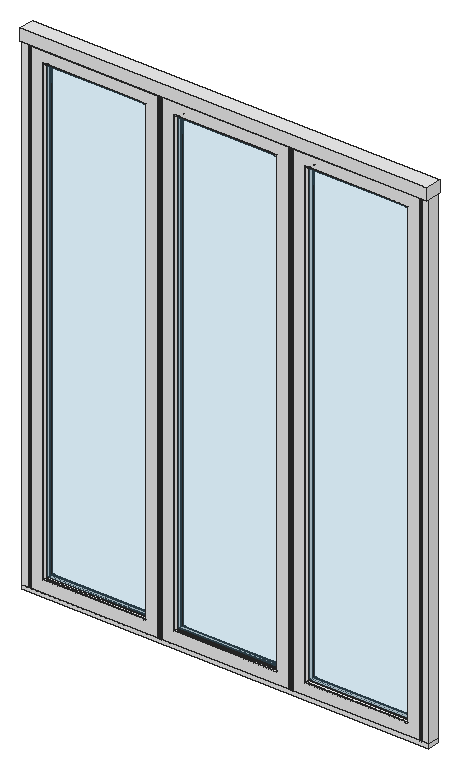
Revit family "Window-NanaWall-WD-66", category Windows, host Wall, Revit 2013 (continued)
Definition of nested family "Header_WD-66"
  Definition of nested family "Head_WD66"
    Lines and regions (in)
      model lines, style "DetailComponents", in view "Ref. Level"
        curve 336: line (0.7078892, -2.3031496, 0) -> (0.5897789, -2.3031496, 0)
        curve 337: line (-1.0716384, -2.6968504, 0) -> (-1.0716384, -2.5, 0)
        curve 338: line (-1.0716384, -2.5, 0) -> (-1.0322683, -2.5, 0)
        curve 339: line (-1.0322683, -2.5, 0) -> (-1.0322683, -2.6574803, 0)
        curve 340: line (-0.9850242, -2.6574803, 0) -> (-1.0322683, -2.6574803, 0)
        curve 341: line (-1.0322683, -2.6574803, 0) -> (-1.0716384, -2.6968504, 0)
        curve 342: line (-1.0716384, -2.6968504, 0) -> (-0.9456592, -2.6968504, 0)
        curve 343: line (-0.9456592, -2.6968504, 0) -> (-0.9456592, -2.5393701, 0)
        curve 344: line (-0.9850242, -2.5, 0) -> (-0.9476168, -2.5393701, 0)
        curve 345: line (-0.9476168, -2.5393701, 0) -> (-0.7488037, -2.5393701, 0)
        curve 346: line (-0.5440793, -2.4212598, 0) -> (-0.5440793, -2.5, 0)
        curve 347: line (-0.6306935, -2.6181102, 0) -> (-0.7488037, -2.6181102, 0)
        curve 348: line (-0.945931, -2.5393701, 0) -> (-0.945931, -2.6986246, 0)
        curve 349: line (-0.7488037, -2.3031496, 0) -> (-0.6306935, -2.3031496, 0)
        curve 350: line (-0.5633687, -2.9448819, 0) -> (-0.7389612, -2.9448819, 0)
        curve 351: line (-0.7389612, -2.9448819, 0) -> (-1.0441328, -2.9262168, 0)
        curve 352: line (-0.6740006, -2.8149606, 0) -> (-0.6070715, -2.8149606, 0)
        curve 353: line (-0.7428982, -2.804732, 0) -> (-0.6924238, -2.7755906, 0)
        curve 354: line (-0.6924238, -2.7755906, 0) -> (-0.5886483, -2.7755906, 0)
        curve 355: line (-0.5886483, -2.7755906, 0) -> (-0.5381738, -2.804732, 0)
        curve 356: line (-0.6070715, -2.8976378, 0) -> (-0.6740006, -2.8976378, 0)
        curve 357: line (-1.0440793, -2.8740157, 0) -> (-0.7251817, -2.8740157, 0)
        curve 358: line (-0.7251817, -2.8740157, 0) -> (-0.7251817, -2.8385827, 0)
        curve 359: line (-0.6858116, -2.8858268, 0) -> (-0.6858116, -2.8267717, 0)
        curve 360: line (-0.5952604, -2.8267717, 0) -> (-0.5952604, -2.8858268, 0)
        curve 361: line (-0.5558904, -2.8385827, 0) -> (-0.5558904, -2.8740157, 0)
        curve 362: line (-0.5558904, -2.8740157, 0) -> (-0.5047093, -2.8740157, 0)
        curve 363: line (-0.4963576, -2.8941784, 0) -> (-0.5355298, -2.9333507, 0)
        curve 410: line (-1.3393549, -0.019685, 0) -> (-1.3393549, -0.0984252, 0)
        curve 411: line (-1.3393549, -0.0984252, 0) -> (-1.3393549, -0.8129921, 0)
        curve 412: line (-0.7315892, -0.4330709, 0) -> (-1.0834494, -0.4330709, 0)
        curve 413: line (-1.0834494, -0.4330709, 0) -> (-1.0834494, -0.019685, 0)
        curve 414: line (-1.3393549, -2.2185039, 0) -> (-1.3393549, -2.5787402, 0)
        curve 415: line (-0.855103, -2.8740157, 0) -> (-1.2212447, -2.8740157, 0)
        curve 416: line (-0.855103, -2.5393701, 0) -> (-0.9141581, -2.5393701, 0)
        curve 417: line (-0.8157329, -2.8346457, 0) -> (-0.8157329, -2.5787402, 0)
        curve 418: line (-1.2409297, -2.8543307, 0) -> (-1.2409297, -2.5984252, 0)
        curve 419: line (-1.2409297, -2.5984252, 0) -> (-1.3196699, -2.5984252, 0)
        curve 420: line (-1.3393549, -1.1555118, 0) -> (-1.3393549, -1.8759843, 0)
        curve 421: line (-1.3196699, -1.8956693, 0) -> (-1.2409297, -1.8956693, 0)
        curve 422: line (-1.2409297, -1.8956693, 0) -> (-1.2409297, -2.1988189, 0)
        curve 423: line (-1.2409297, -2.1988189, 0) -> (-1.3196699, -2.1988189, 0)
        curve 424: line (-0.9535282, -2.5787402, 0) -> (-0.9535282, -2.6968504, 0)
        curve 425: line (-0.9535282, -2.6968504, 0) -> (-0.9535282, -2.7165354, 0)
        curve 426: line (-0.9535282, -2.7165354, 0) -> (-1.0834494, -2.7165354, 0)
        curve 427: line (-1.0834494, -2.7165354, 0) -> (-1.0834494, -1.8110236, 0)
        curve 428: line (-1.0834494, -1.8110236, 0) -> (-0.9141581, -1.8110236, 0)
        curve 429: line (-0.9141581, -1.8110236, 0) -> (-0.9141581, -1.7322835, 0)
        curve 430: line (-0.9141581, -1.7322835, 0) -> (-1.1621896, -1.7322835, 0)
        curve 431: line (-1.1621896, -1.7322835, 0) -> (-1.1621896, -1.2992126, 0)
        curve 432: line (-1.1621896, -1.2992126, 0) -> (-0.9141581, -1.2992126, 0)
        curve 433: line (-0.9141581, -1.2992126, 0) -> (-0.9141581, -1.2204724, 0)
        curve 434: line (-0.9141581, -1.2204724, 0) -> (-1.0834494, -1.2204724, 0)
        curve 435: line (-1.0834494, -1.2204724, 0) -> (-1.0834494, -0.6299213, 0)
        curve 436: line (-0.7143774, -0.575961, 0) -> (-0.7330557, -0.6456693, 0)
        curve 437: line (-0.7330557, -0.6456693, 0) -> (-0.6346305, -0.6456693, 0)
        curve 438: line (-0.6346305, -0.6456693, 0) -> (-0.6175035, -0.5817503, 0)
        curve 439: line (-1.0440793, -0.5905512, 0) -> (-0.9928982, -0.5905512, 0)
        curve 440: line (-0.9928982, -0.5905512, 0) -> (-0.9928982, -0.7480315, 0)
        curve 441: line (-0.9928982, -0.7480315, 0) -> (-0.9141581, -0.7480315, 0)
        curve 442: line (-0.9141581, -0.7480315, 0) -> (-0.9141581, -0.5511811, 0)
        curve 443: line (-0.9141581, -0.5511811, 0) -> (-0.7333917, -0.5511811, 0)
        curve 444: line (-1.3196699, -0.8326772, 0) -> (-1.2409297, -0.8326772, 0)
        curve 445: line (-1.2409297, -0.8326772, 0) -> (-1.2409297, -1.1358268, 0)
        curve 446: line (-1.2409297, -1.1358268, 0) -> (-1.3196699, -1.1358268, 0)
        curve 447: line (-1.1031345, 0, 0) -> (-1.3196699, 0, 0)
        curve 448: line (1.2984403, -0.019685, 0) -> (1.2984403, -0.0984252, 0)
        curve 449: line (1.2984403, -0.0984252, 0) -> (1.2984403, -0.8129921, 0)
        curve 450: line (0.6906746, -0.4330709, 0) -> (1.0425348, -0.4330709, 0)
        curve 451: line (1.0425348, -0.4330709, 0) -> (1.0425348, -0.019685, 0)
        curve 452: line (1.2984403, -2.2185039, 0) -> (1.2984403, -2.5787402, 0)
        curve 453: line (0.8141884, -2.8740157, 0) -> (1.1803301, -2.8740157, 0)
        curve 454: line (0.8141884, -2.5393701, 0) -> (0.8732435, -2.5393701, 0)
        curve 455: line (0.7748183, -2.8346457, 0) -> (0.7748183, -2.5787402, 0)
        curve 456: line (1.2000151, -2.8543307, 0) -> (1.2000151, -2.5984252, 0)
        curve 457: line (1.2000151, -2.5984252, 0) -> (1.2787553, -2.5984252, 0)
        curve 458: line (1.2984403, -1.1555118, 0) -> (1.2984403, -1.8759843, 0)
        curve 459: line (1.2787553, -1.8956693, 0) -> (1.2000151, -1.8956693, 0)
        curve 460: line (1.2000151, -1.8956693, 0) -> (1.2000151, -2.1988189, 0)
        curve 461: line (1.2000151, -2.1988189, 0) -> (1.2787553, -2.1988189, 0)
        curve 462: line (0.9126136, -2.5787402, 0) -> (0.9126136, -2.6968504, 0)
        curve 463: line (0.9126136, -2.6968504, 0) -> (0.9126136, -2.7165354, 0)
        curve 464: line (0.9126136, -2.7165354, 0) -> (1.0425348, -2.7165354, 0)
        curve 465: line (1.0425348, -2.7165354, 0) -> (1.0425348, -1.8110236, 0)
        curve 466: line (1.0425348, -1.8110236, 0) -> (0.8732435, -1.8110236, 0)
        curve 467: line (0.8732435, -1.8110236, 0) -> (0.8732435, -1.7322835, 0)
        curve 468: line (0.8732435, -1.7322835, 0) -> (1.121275, -1.7322835, 0)
        curve 469: line (1.121275, -1.7322835, 0) -> (1.121275, -1.2992126, 0)
        curve 470: line (1.121275, -1.2992126, 0) -> (0.8732435, -1.2992126, 0)
        curve 471: line (0.8732435, -1.2992126, 0) -> (0.8732435, -1.2204724, 0)
        curve 472: line (0.8732435, -1.2204724, 0) -> (1.0425348, -1.2204724, 0)
        curve 473: line (1.0425348, -1.2204724, 0) -> (1.0425348, -0.6299213, 0)
        curve 474: line (0.6734629, -0.575961, 0) -> (0.6921411, -0.6456693, 0)
        curve 475: line (0.6921411, -0.6456693, 0) -> (0.5937159, -0.6456693, 0)
        curve 476: line (0.5937159, -0.6456693, 0) -> (0.5765889, -0.5817503, 0)
        curve 477: line (1.0031648, -0.5905512, 0) -> (0.9519837, -0.5905512, 0)
        curve 478: line (0.9519837, -0.5905512, 0) -> (0.9519837, -0.7480315, 0)
        curve 479: line (0.9519837, -0.7480315, 0) -> (0.8732435, -0.7480315, 0)
        curve 480: line (0.8732435, -0.7480315, 0) -> (0.8732435, -0.5511811, 0)
        curve 481: line (0.8732435, -0.5511811, 0) -> (0.6924771, -0.5511811, 0)
        curve 482: line (1.2787553, -0.8326772, 0) -> (1.2000151, -0.8326772, 0)
        curve 483: line (1.2000151, -0.8326772, 0) -> (1.2000151, -1.1358268, 0)
        curve 484: line (1.2000151, -1.1358268, 0) -> (1.2787553, -1.1358268, 0)
        curve 485: line (1.0622199, 0, 0) -> (1.2787553, 0, 0)
        curve 486: line (1.2984403, -0.0984252, 0) -> (1.2984403, -2.7755906, 0)
        curve 487: line (1.8889915, -2.7755906, 0) -> (1.8889915, -0.0984252, 0)
        curve 488: line (1.3968655, -2.8740157, 0) -> (1.7905663, -2.8740157, 0)
        curve 489: line (1.7905663, 0, 0) -> (1.3968655, 0, 0)
        curve 521: line (0.4913537, -2.8740157, 0) -> (0.4519837, -2.8740157, 0)
        curve 524: line (-0.4141581, -3.1692913, 0) -> (-0.4141581, -2.0843849, 0)
        curve 525: line (-0.5795124, -3.1102362, 0) -> (-0.5795124, -3.1771654, 0)
        curve 526: line (-0.5795124, -3.1771654, 0) -> (-0.4928982, -3.1771654, 0)
        curve 527: line (-0.4928982, -3.1771654, 0) -> (-0.4928982, -2.8740157, 0)
        curve 528: line (-0.4928982, -2.8740157, 0) -> (-0.5322683, -2.8740157, 0)
        curve 529: line (-0.4928982, -3.2480315, 0) -> (-0.5795124, -3.2480315, 0)
        curve 530: line (-0.6503786, -3.1771654, 0) -> (-0.6503786, -3.0905512, 0)
        curve 531: line (-0.6503786, -3.0905512, 0) -> (-0.5991975, -3.0905512, 0)
        curve 537: line (-0.362977, -0.2401575, 0) -> (-0.386599, -0.2401575, 0)
        curve 538: line (-0.386599, -0.2401575, 0) -> (-0.386599, -0.3385827, 0)
        curve 539: line (-0.386599, -0.3385827, 0) -> (0.3456844, -0.3385827, 0)
        curve 540: line (0.3456844, -0.3385827, 0) -> (0.3456844, -0.2401575, 0)
        curve 541: line (0.3456844, -0.2401575, 0) -> (0.3220624, -0.2401575, 0)
        curve 542: line (-0.9535282, -2.3818898, 0) -> (-0.7488037, -2.3818898, 0)
        curve 543: line (-0.7488037, -2.3818898, 0) -> (-0.7488037, -2.2637795, 0)
        curve 544: line (-0.7488037, -2.2637795, 0) -> (-0.6306935, -2.2637795, 0)
        curve 545: line (-0.6306935, -2.2637795, 0) -> (-0.6306935, -2.4212598, 0)
        curve 546: line (-0.6306935, -2.4212598, 0) -> (-0.5047093, -2.4212598, 0)
        curve 547: line (-0.5047093, -2.4212598, 0) -> (-0.5047093, -2.5, 0)
        curve 548: line (-0.5047093, -2.5, 0) -> (-0.6306935, -2.5, 0)
        curve 549: line (-0.6306935, -2.5, 0) -> (-0.6306935, -2.6574803, 0)
        curve 550: line (-0.6306935, -2.6574803, 0) -> (-0.7488037, -2.6574803, 0)
        curve 551: line (-0.7488037, -2.6574803, 0) -> (-0.4928982, -2.6574803, 0)
        curve 552: line (-0.4928982, -2.6574803, 0) -> (-0.4928982, -2.2519685, 0)
        curve 553: line (-0.4928982, -2.2519685, 0) -> (-0.7488037, -2.2519685, 0)
        curve 554: line (-0.7488037, -2.2519685, 0) -> (-0.7488037, -2.3070866, 0)
        curve 555: line (-0.7488037, -2.8740157, 0) -> (-0.8078589, -2.8740157, 0)
        curve 556: line (-0.8078589, -2.8740157, 0) -> (-0.8078589, -2.6220472, 0)
        curve 557: line (-0.7881738, -2.6023622, 0) -> (-0.7488037, -2.6023622, 0)
        curve 558: line (-0.7488037, -2.6023622, 0) -> (-0.7488037, -2.6574803, 0)
        curve 559: line (-0.7488037, -2.6574803, 0) -> (-0.7488037, -2.6023622, 0)
        curve 560: line (-0.7488037, -2.6023622, 0) -> (-0.7488037, -2.5, 0)
        curve 561: line (-0.7488037, -2.5, 0) -> (-0.9850242, -2.5, 0)
        curve 562: line (-0.9850242, -2.5, 0) -> (-0.9850242, -2.6574803, 0)
        curve 563: line (-0.9850242, -2.6574803, 0) -> (-0.945931, -2.6986246, 0)
        curve 564: line (-0.7488037, -2.3070866, 0) -> (-0.7881738, -2.3070866, 0)
        curve 565: line (-0.7960478, -0.8312479, 0) -> (-0.7960478, -1.2401575, 0)
        curve 566: line (-0.7960478, -1.2401575, 0) -> (-0.8078589, -1.3751581, 0)
        curve 567: line (-0.8078589, -1.3751581, 0) -> (-0.8078589, -2.0048287, 0)
        curve 568: line (-0.5519534, -2.8543307, 0) -> (-0.5519534, -2.8346457, 0)
        curve 569: line (-0.5519534, -2.8346457, 0) -> (-0.4928982, -2.8346457, 0)
        curve 570: line (-0.4928982, -2.8346457, 0) -> (-0.4928982, -2.7283465, 0)
        curve 571: line (-0.4928982, -2.7283465, 0) -> (-0.7684888, -2.7283465, 0)
        curve 572: line (-0.7684888, -2.7283465, 0) -> (-0.7684888, -2.8346457, 0)
        curve 573: line (-0.7684888, -2.8346457, 0) -> (-0.7291187, -2.8346457, 0)
        curve 574: line (-0.7291187, -2.8346457, 0) -> (-0.7291187, -2.8543307, 0)
        curve 575: line (-0.6173855, -0.9497462, 0) -> (-0.6322063, -0.9645669, 0)
        curve 576: line (-0.6322063, -0.9645669, 0) -> (-0.6946662, -0.9645669, 0)
        curve 577: line (-0.8078589, -2.2874016, 0) -> (-0.8078589, -2.1730331, 0)
        curve 578: line (-0.8078589, -2.1730331, 0) -> (-0.9062841, -2.1162073, 0)
        curve 579: line (-0.9062841, -2.1162073, 0) -> (-0.9062841, -0.606375, 0)
        curve 580: line (-0.9062841, -0.606375, 0) -> (-0.8472289, -0.5905512, 0)
        curve 581: line (-0.8472289, -0.5905512, 0) -> (-0.8472289, -0.6456693, 0)
        curve 582: line (-0.8472289, -0.6456693, 0) -> (-0.8029427, -0.6456693, 0)
        curve 583: line (-0.8029427, -0.6456693, 0) -> (-0.7920833, -0.6051414, 0)
        curve 584: line (-0.773069, -0.5905512, 0) -> (-0.7291187, -0.5905512, 0)
        curve 585: line (-0.7291187, -0.5905512, 0) -> (-0.7438876, -0.6456693, 0)
        curve 586: line (-0.7438876, -0.6456693, 0) -> (-0.4732132, -0.6456693, 0)
        curve 587: line (-0.4732132, -0.6456693, 0) -> (-0.4732132, -0.2401575, 0)
        curve 588: line (-0.4732132, -0.2401575, 0) -> (-0.7438876, -0.2401575, 0)
        curve 589: line (-0.7438876, -0.2401575, 0) -> (-0.7291187, -0.2952756, 0)
        curve 590: line (-0.7291187, -0.2952756, 0) -> (-0.773069, -0.2952756, 0)
        curve 591: line (-0.7920833, -0.2806854, 0) -> (-0.8029427, -0.2401575, 0)
        curve 592: line (-0.8029427, -0.2401575, 0) -> (-0.8472289, -0.2401575, 0)
        curve 593: line (-0.8472289, -0.2401575, 0) -> (-0.8472289, -0.2952756, 0)
        curve 594: line (-0.8472289, -0.2952756, 0) -> (-0.9062841, -0.2794518, 0)
        curve 595: line (-0.9062841, -0.2794518, 0) -> (-0.9062841, -0.1188825, 0)
        curve 596: line (-0.9062841, -0.1188825, 0) -> (-0.894473, -0.0984252, 0)
        curve 597: line (-0.894473, -0.0984252, 0) -> (-0.9062841, -0.0779679, 0)
        curve 598: line (-0.9062841, -0.0779679, 0) -> (-0.9062841, 0.0590551, 0)
        curve 599: line (-0.9062841, 0.0590551, 0) -> (-0.7252574, 0.0590551, 0)
        curve 600: line (-0.7252574, 0.0590551, 0) -> (-0.7094337, 0, 0)
        curve 601: line (-0.7094337, 0, 0) -> (-0.8354179, 0, 0)
        curve 602: line (-0.8354179, 0, 0) -> (-0.8354179, -0.1614173, 0)
        curve 603: line (-0.8354179, -0.1614173, 0) -> (-0.362977, -0.1614173, 0)
        curve 604: line (-0.362977, -0.1614173, 0) -> (-0.362977, 0, 0)
        curve 605: line (-0.362977, 0, 0) -> (-0.4141581, 0, 0)
        curve 606: line (-0.4141581, 0, 0) -> (-0.3983343, 0.0590551, 0)
        curve 607: line (-0.4289255, -0.9645669, 0) -> (-0.4913855, -0.9645669, 0)
        curve 608: line (-0.4913855, -0.9645669, 0) -> (-0.5062062, -0.9497462, 0)
        curve 609: line (-0.362977, -0.496063, 0) -> (-0.362977, -0.6456693, 0)
        curve 610: line (-0.3983343, 0.0590551, 0) -> (-0.1976226, 0.0590551, 0)
        curve 611: line (-0.1976226, 0.0590551, 0) -> (-0.1976226, -0.011811, 0)
        curve 612: line (-0.1976226, -0.011811, 0) -> (-0.2842368, -0.011811, 0)
        curve 613: line (-0.2842368, -0.011811, 0) -> (-0.2842368, -0.1614173, 0)
        curve 614: line (0.6882041, -2.8543307, 0) -> (0.6882041, -2.8346457, 0)
        curve 615: line (0.6882041, -2.8346457, 0) -> (0.7275742, -2.8346457, 0)
        curve 616: line (0.7275742, -2.8346457, 0) -> (0.7275742, -2.7283465, 0)
        curve 617: line (0.7275742, -2.7283465, 0) -> (0.4519837, -2.7283465, 0)
        curve 618: line (0.4519837, -2.7283465, 0) -> (0.4519837, -2.8346457, 0)
        curve 619: line (0.4519837, -2.8346457, 0) -> (0.5110388, -2.8346457, 0)
        curve 620: line (0.5110388, -2.8346457, 0) -> (0.5110388, -2.8543307, 0)
        curve 621: line (0.7669443, -2.6220472, 0) -> (0.7669443, -2.8740157, 0)
        curve 622: line (0.7669443, -2.8740157, 0) -> (0.7078892, -2.8740157, 0)
        curve 623: line (0.9126136, -2.3818898, 0) -> (0.7078892, -2.3818898, 0)
        curve 624: line (0.7078892, -2.3818898, 0) -> (0.7078892, -2.2637795, 0)
        curve 625: line (0.7078892, -2.2637795, 0) -> (0.5897789, -2.2637795, 0)
        curve 626: line (0.5897789, -2.2637795, 0) -> (0.5897789, -2.4212598, 0)
        curve 627: line (0.5897789, -2.4212598, 0) -> (0.4637947, -2.4212598, 0)
        curve 628: line (0.4637947, -2.4212598, 0) -> (0.4637947, -2.5, 0)
        curve 629: line (0.4637947, -2.5, 0) -> (0.5897789, -2.5, 0)
        curve 630: line (0.5897789, -2.5, 0) -> (0.5897789, -2.6574803, 0)
        curve 631: line (0.5897789, -2.6574803, 0) -> (0.7078892, -2.6574803, 0)
        curve 632: line (0.7078892, -2.6574803, 0) -> (0.7078892, -2.6023622, 0)
        curve 633: line (0.7078892, -2.6023622, 0) -> (0.7472592, -2.6023622, 0)
        curve 634: line (0.7472592, -2.3070866, 0) -> (0.7078892, -2.3070866, 0)
        curve 635: line (0.7078892, -2.3070866, 0) -> (0.7078892, -2.2519685, 0)
        curve 636: line (0.7078892, -2.2519685, 0) -> (0.4519837, -2.2519685, 0)
        curve 637: line (0.4519837, -2.2519685, 0) -> (0.4519837, -2.6574803, 0)
        curve 638: line (0.4519837, -2.6574803, 0) -> (0.7078892, -2.6574803, 0)
        curve 639: line (0.7078892, -2.6574803, 0) -> (0.7078892, -2.6023622, 0)
        curve 640: line (0.7078892, -2.6023622, 0) -> (0.7078892, -2.5, 0)
        curve 641: line (0.7078892, -2.5, 0) -> (0.9441096, -2.5, 0)
        curve 642: line (0.9441096, -2.5, 0) -> (0.9441096, -2.6574803, 0)
        curve 643: line (0.9441096, -2.6574803, 0) -> (0.9050164, -2.6986246, 0)
        curve 644: line (0.7669443, -2.0048287, 0) -> (0.7669443, -1.3751581, 0)
        curve 645: line (0.7669443, -1.3751581, 0) -> (0.7551333, -1.2401575, 0)
        curve 646: line (0.7551333, -1.2401575, 0) -> (0.7551333, -0.8312479, 0)
        curve 647: line (0.6537517, -0.9645669, 0) -> (0.5912917, -0.9645669, 0)
        curve 648: line (0.5912917, -0.9645669, 0) -> (0.576471, -0.9497462, 0)
        curve 649: line (0.2826923, -0.4566929, 0) -> (0, -0.4566929, 0)
        curve 650: line (0, -0.4566929, 0) -> (-0.0204573, -0.4448819, 0)
        curve 651: line (-0.0204573, -0.4448819, 0) -> (-0.0409146, -0.4566929, 0)
        curve 652: line (-0.0409146, -0.4566929, 0) -> (-0.3236069, -0.4566929, 0)
        curve 653: line (0.4652916, -0.9497462, 0) -> (0.4504709, -0.9645669, 0)
        curve 654: line (0.4504709, -0.9645669, 0) -> (0.3880109, -0.9645669, 0)
        curve 655: line (0.3220624, -0.6456693, 0) -> (0.3220624, -0.496063, 0)
        curve 656: line (0.3574197, 0.0590551, 0) -> (0.1567081, 0.0590551, 0)
        curve 657: line (0.1567081, 0.0590551, 0) -> (0.1567081, -0.011811, 0)
        curve 658: line (0.2433222, -0.1614173, 0) -> (0.2433222, -0.011811, 0)
        curve 659: line (0.2433222, -0.011811, 0) -> (0.1567081, -0.011811, 0)
        curve 660: line (0.7669443, -2.2874016, 0) -> (0.7669443, -2.1730331, 0)
        curve 661: line (0.7669443, -2.1730331, 0) -> (0.8653695, -2.1162073, 0)
        curve 662: line (0.8653695, -2.1162073, 0) -> (0.8653695, -0.606375, 0)
        curve 663: line (0.8653695, -0.606375, 0) -> (0.8063144, -0.5905512, 0)
        curve 664: line (0.8063144, -0.5905512, 0) -> (0.8063144, -0.6456693, 0)
        curve 665: line (0.8063144, -0.6456693, 0) -> (0.7620281, -0.6456693, 0)
        curve 666: line (0.7620281, -0.6456693, 0) -> (0.7511687, -0.6051414, 0)
        curve 667: line (0.7321544, -0.5905512, 0) -> (0.6882041, -0.5905512, 0)
        curve 668: line (0.6882041, -0.5905512, 0) -> (0.702973, -0.6456693, 0)
        curve 669: line (0.702973, -0.6456693, 0) -> (0.4322986, -0.6456693, 0)
        curve 670: line (0.4322986, -0.6456693, 0) -> (0.4322986, -0.2401575, 0)
        curve 671: line (0.4322986, -0.2401575, 0) -> (0.702973, -0.2401575, 0)
        curve 672: line (0.702973, -0.2401575, 0) -> (0.6882041, -0.2952756, 0)
        curve 673: line (0.7511687, -0.2806854, 0) -> (0.7620281, -0.2401575, 0)
        curve 674: line (0.7620281, -0.2401575, 0) -> (0.8063144, -0.2401575, 0)
        curve 675: line (0.8063144, -0.2401575, 0) -> (0.8063144, -0.2952756, 0)
        curve 676: line (0.8063144, -0.2952756, 0) -> (0.8653695, -0.2794518, 0)
        curve 677: line (0.8653695, -0.2794518, 0) -> (0.8653695, 0.0590551, 0)
        curve 678: line (0.8653695, 0.0590551, 0) -> (0.6843429, 0.0590551, 0)
        curve 679: line (0.6843429, 0.0590551, 0) -> (0.6685191, 0, 0)
        curve 680: line (0.6685191, 0, 0) -> (0.7945033, 0, 0)
        curve 681: line (0.7945033, 0, 0) -> (0.7945033, -0.1614173, 0)
        curve 682: line (0.7945033, -0.1614173, 0) -> (0.3220624, -0.1614173, 0)
        curve 683: line (0.3220624, -0.1614173, 0) -> (0.3220624, 0, 0)
        curve 684: line (0.3220624, 0, 0) -> (0.3732435, 0, 0)
        curve 685: line (0.3732435, 0, 0) -> (0.3574197, 0.0590551, 0)
        curve 686: line (0.6882041, -0.2952756, 0) -> (0.7321544, -0.2952756, 0)
        curve 687: line (-1.9299061, -0.0984252, 0) -> (-1.9299061, -4.2322835, 0)
        curve 688: line (-1.3393549, -4.2322835, 0) -> (-1.3393549, -0.0984252, 0)
        curve 689: line (-1.8314809, -4.3307087, 0) -> (-1.4377801, -4.3307087, 0)
        curve 690: line (-1.4377801, 0, 0) -> (-1.8314809, 0, 0)
Definition of nested family "Left-Jamb_WD-66"
  Parameters (values of type "Left-Jamb_WD-66")
    Width = 1' - 0"
    Left Jamb = none
    Height = 9' - 7 9/32"
    Half = yes
    Assembly Code = ""
  Reference planes (in)
    plane 1 "Center (Front/Back)": y = 0
    plane 2: z = 0
    plane 3 "Center (Left/Right)": x = -7.3020696
    plane 4 "Top": z = 115.28125
  Forms (in)
    Sweep 1, solid, material <- "Left Jamb"
      path origin (-7.3020696, 0, 0) x (0, 1, 0) y (0, 0, 1)
        loop
          line (0, 115.28125) -> (0, 0)
      profile "Profile_Left-Jamb_WD-66 : Profile_Left-Jamb_WD-66" origin (-7.3020696, 0, 57.640625) x (0, 1, 0) y (1, 0, 0)
        loop
          line (-1.2992126, 0) -> (1.2992126, 0) -> (1.2992126, 1.5742187) -> (-1.2992126, 1.5742188) -> (-1.2992126, 0)
  Lines and regions (in)
    Masking region 1
      outline origin (0, 0, 0) x (1, 0, 0) y (0, 1, 0)
        loop
          line (-7.3020696, 1.2992126) -> (-7.3020696, -1.2992126) -> (-5.7278508, -1.2992126) -> (-5.7278508, 1.2992126) -> (-7.3020696, 1.2992126)
  Dimensions and locks (in)
    "Height": plane 4 "Top" to level
    plane 4 "Top" to level = 9' - 7 9/32"
    aligned and locked: plane 4 "Top" to Sweep 1 sketch curve
    aligned and locked: level to Sweep 1 sketch curve
    aligned and locked: Sweep 1 sketch curve to plane 1 "Center (Front/Back)"
    aligned and locked: Masking region 1 sketch curve to plane 3 "Center (Left/Right)"
  Automatic sketch dimensions
    Masking region 1 sketch curve to plane 1 "Center (Front/Back)" = 0' - 1.29921"
    Masking region 1 sketch curve to Masking region 1 sketch curve = 0' - 1 147/256"
    plane 1 "Center (Front/Back)" to Masking region 1 sketch curve = 0' - 1.29921"
  Nested families (in)
    nested 1: "RightJamb_WD66" at (-2.0796416, -0.0390625, 0) x (-1, 0, 0) z (0, 0, 1), type "RightJamb_WD66", detail levels fine
  Definition of nested family "RightJamb_WD66"
    Parameters (values of type "RightJamb_WD66")
      SmartBIM Object Version = 1  # constant formula
      SmartBIM Object Created By = "Reed Construction Data"  # constant formula
      Half Piece = yes
      Assembly Code = ""
      95 CSI = ""
      04 CSI = ""
    Reference planes (in)
      plane 1 "Center (Front/Back)": y = 0
      plane 2: z = 0
      plane 3 "Center (Left/Right)": x = 0
    Lines and regions (in)
      model lines, style "DetailComponents", in view "Ref. Level", visible <- "Half Piece"
        curve 1: line (0.4237998, -1.3385827, 0) -> (0.714554, -1.3385827, 0)
        curve 2: line (0.7736091, -1.2598425, 0) -> (0.7736091, -0.5708661, 0)
        curve 3: line (0.7736091, 0, 0) -> (0.7736091, -0.5708661, 0)
        curve 4: arc (0.0585694, -0.7683496, 0) -> (0.0669034, -0.7722358, 0) -> (0.0707896, -0.7639018, 0) r 0.0065022
        curve 5: arc (0.0829057, -0.7285851, 0) -> (0.0690065, -0.7380304, 0) -> (0.0674638, -0.7547642, 0) r 0.019685
        curve 6: arc (0.1345302, -0.7204724, 0) -> (0.139085, -0.7276127, 0) -> (0.1474799, -0.7264922, 0) r 0.007874
        curve 7: arc (0.1823077, -0.7204724, 0) -> (0.1868625, -0.7276127, 0) -> (0.1952573, -0.7264922, 0) r 0.007874
        curve 8: arc (0.2300851, -0.7204724, 0) -> (0.2338181, -0.7271696, 0) -> (0.2414775, -0.7275167, 0) r 0.007874
        curve 9: arc (0.2696739, -0.7202431, 0) -> (0.269725, -0.725248, 0) -> (0.2736558, -0.7283465, 0) r 0.0057952
        curve 10: arc (0.1081996, -0.5514536, 0) -> (0.101359, -0.5528033, 0) -> (0.0982719, -0.5590551, 0) r 0.007874
        curve 11: arc (-0.0020537, -0.5511811, 0) -> (-0.0080685, -0.5539736, 0) -> (-0.0098171, -0.5603703, 0) r 0.007874
        curve 12: arc (0.2163993, -0.5514536, 0) -> (0.2095587, -0.5528033, 0) -> (0.2064716, -0.5590551, 0) r 0.007874
        curve 13: arc (0.2848203, -0.6878408, 0) -> (0.2804085, -0.6761411, 0) -> (0.2679606, -0.6749603, 0) r 0.011811
        curve 14: arc (0.3669491, -0.5965592, 0) -> (0.3474107, -0.5717528, 0) -> (0.3160692, -0.5679039, 0) r 0.0414549
        curve 15: arc (0.233323, -0.5772994, 0) -> (0.2578397, -0.5805238, 0) -> (0.2823412, -0.5771851, 0) r 0.0931661
        curve 16: arc (0.2696739, -0.7202431, 0) -> (0.2792011, -0.7049553, 0) -> (0.2848203, -0.6878408, 0) r 0.0752184
        curve 17: arc (0.2822255, -0.7283465, 0) -> (0.354001, -0.6813623, 0) -> (0.3669491, -0.5965592, 0) r 0.1052291
        curve 18: arc (-0.0098171, -0.5603703, 0) -> (0.0142035, -0.6677049, 0) -> (0.0585694, -0.7683496, 0) r 0.5648652
        curve 19: arc (0.3011682, 0.5511811, 0) -> (0.3602233, 0.5245227, 0) -> (0.4192784, 0.5511811, 0) r 0.0787402
        curve 20: arc (0.3995934, 0.3937008, 0) -> (0.4135128, 0.3994664, 0) -> (0.4192784, 0.4133858, 0) r 0.019685
        curve 21: arc (0.4026451, 0.6028919, 0) -> (0.4132635, 0.6007797, 0) -> (0.4192784, 0.6097817, 0) r 0.0097436
        curve 22: arc (0.3011682, 0.6099785, 0) -> (0.3071831, 0.6009766, 0) -> (0.3178016, 0.6030887, 0) r 0.0097436
        curve 23: arc (0.2643842, 0.4212598, 0) -> (0.2583576, 0.4200611, 0) -> (0.2532486, 0.4166474, 0) r 0.015748
        curve 24: arc (0.337493, 0.4133858, 0) -> (0.3317288, 0.41915, 0) -> (0.3238548, 0.4212598, 0) r 0.015748
        curve 25: arc (-0.0232253, 0.4201185, 0) -> (-0.0208524, 0.402095, 0) -> (-0.0047274, 0.3937008, 0) r 0.019685
        curve 26: arc (0.0662462, 0.6168118, 0) -> (0.0553381, 0.6199912, 0) -> (0.0467958, 0.6124997, 0) r 0.011811
        curve 27: circle (3.3917194, -1.6732283, 0) r 0.1614173 normal (0, 0, 1)
        curve 28: circle (3.3917194, -1.6732283, 0) r 0.1604331 normal (0, 0, 1)
        curve 29: arc (3.0767587, -1.6732283, 0) -> (3.6144302, -1.8959391, 0) -> (3.3917194, -1.3582677, 0) r 0.3149606
        curve 30: circle (3.3917194, -1.6732283, 0) r 0.1811024 normal (0, 0, 1)
        curve 31: arc (3.70668, -1.3779528, 0) -> (3.7009144, -1.3640333, 0) -> (3.686995, -1.3582677, 0) r 0.019685
        curve 32: arc (3.0964438, -1.3582677, 0) -> (3.0825244, -1.3640333, 0) -> (3.0767587, -1.3779528, 0) r 0.019685
        curve 34: arc (3.6279398, -0.247697, 0) -> (3.6982538, 0.0329958, 0) -> (3.5098296, 0.2526062, 0) r 0.3149606
        curve 45: arc (3.5409911, -0.3346457, 0) -> (3.6024732, -0.309179, 0) -> (3.6279398, -0.247697, 0) r 0.0869487
        curve 46: arc (3.5098296, -0.3346457, 0) -> (3.4819908, -0.3461769, 0) -> (3.4704595, -0.3740157, 0) r 0.0393701
        curve 48: arc (3.527799, 0.5132687, 0) -> (3.5150013, 0.5069576, 0) -> (3.5098296, 0.4936585, 0) r 0.019685
        curve 49: arc (2.7633866, 0.1513451, 0) -> (2.7436332, 0.1533763, 0) -> (2.7321612, 0.1371678, 0) r 0.019685
        curve 50: arc (2.7321612, -0.215908, 0) -> (2.7436332, -0.2321164, 0) -> (2.7633866, -0.2300853, 0) r 0.019685
        curve 51: arc (3.2736091, 0.2526062, 0) -> (3.0851849, 0.0329958, 0) -> (3.1554989, -0.247697, 0) r 0.3149606
        curve 52: arc (3.3129792, -0.3740157, 0) -> (3.301448, -0.3461769, 0) -> (3.2736091, -0.3346457, 0) r 0.0393701
        curve 53: arc (3.1554989, -0.247697, 0) -> (3.1809656, -0.309179, 0) -> (3.2424476, -0.3346457, 0) r 0.0869487
        curve 54: arc (2.7633866, -0.2300853, 0) -> (2.8169811, -0.1756033, 0) -> (2.8503764, -0.1068616, 0) r 0.2362205
        curve 55: arc (2.945296, -0.1148294, 0) -> (2.9782575, -0.2238618, 0) -> (3.0373887, -0.321217, 0) r 0.4527559
        curve 56: arc (2.945296, -0.1148294, 0) -> (2.938593, -0.1030755, 0) -> (2.9258863, -0.0984252, 0) r 0.019685
        curve 57: arc (2.9258863, 0.019685, 0) -> (2.938593, 0.0243354, 0) -> (2.945296, 0.0360892, 0) r 0.019685
        curve 58: arc (2.9980186, 0.184209, 0) -> (2.9651786, 0.1124552, 0) -> (2.945296, 0.0360892, 0) r 0.4527559
        curve 59: arc (2.8503764, 0.0281215, 0) -> (2.8169811, 0.0968631, 0) -> (2.7633866, 0.1513451, 0) r 0.2362205
        curve 60: arc (2.8616951, -0.0984252, 0) -> (2.8546367, -0.1007663, 0) -> (2.8503764, -0.1068616, 0) r 0.011811
        curve 61: arc (2.8503764, 0.0281215, 0) -> (2.8546367, 0.0220262, 0) -> (2.8616951, 0.019685, 0) r 0.011811
        curve 62: arc (3.2736091, 0.4936585, 0) -> (3.2684374, 0.5069576, 0) -> (3.2556398, 0.5132687, 0) r 0.019685
        curve 63: arc (3.0481559, 0.5314212, 0) -> (3.033787, 0.5268906, 0) -> (3.0268302, 0.5135267, 0) r 0.019685
        curve 64: arc (2.722428, -0.104658, 0) -> (2.7421131, -0.0393701, 0) -> (2.722428, 0.0259178, 0) r 0.1181102
        curve 65: arc (2.9848851, 0.7130489, 0) -> (2.982266, 0.7069146, 0) -> (2.9852939, 0.7009713, 0) r 0.007874
        curve 66: arc (3.0137995, 0.6419162, 0) -> (3.0214665, 0.6407761, 0) -> (3.0263955, 0.6467584, 0) r 0.007874
        curve 67: arc (3.0400817, 0.6711584, 0) -> (3.0334517, 0.6705783, 0) -> (3.0296343, 0.6651265, 0) r 0.007874
        curve 68: arc (2.9376501, 0.7130489, 0) -> (2.935031, 0.7069146, 0) -> (2.9380589, 0.7009713, 0) r 0.007874
        curve 69: arc (3.0226831, 0.7802096, 0) -> (3.0175255, 0.781982, 0) -> (3.0124533, 0.779978, 0) r 0.007874
        curve 70: arc (3.0520942, 0.7561994, 0) -> (3.0559077, 0.7545118, 0) -> (3.0600483, 0.7550084, 0) r 0.007874
        curve 71: arc (3.0176803, 0.7334705, 0) -> (3.0125226, 0.7352429, 0) -> (3.0074504, 0.7332389, 0) r 0.007874
        curve 72: arc (3.1358139, 0.5497006, 0) -> (3.1473451, 0.5218617, 0) -> (3.1751839, 0.5103305, 0) r 0.0393701
        curve 73: arc (3.1252468, 0.6820576, 0) -> (3.1324562, 0.6830067, 0) -> (3.1358139, 0.6894568, 0) r 0.007874
        curve 74: arc (3.3523493, 0.5103305, 0) -> (3.3801881, 0.5218617, 0) -> (3.3917194, 0.5497006, 0) r 0.0393701
        curve 75: arc (3.1358139, 0.7316833, 0) -> (3.1323318, 0.7382187, 0) -> (3.1249653, 0.7389739, 0) r 0.007874
        curve 76: arc (3.1554989, 1.0221415, 0) -> (3.1415795, 1.0163759, 0) -> (3.1358139, 1.0024565, 0) r 0.019685
        curve 77: arc (3.3917194, 1.0024565, 0) -> (3.3859538, 1.0163759, 0) -> (3.3720343, 1.0221415, 0) r 0.019685
        curve 85: arc (3.6082548, 0.5103305, 0) -> (3.6360937, 0.5218617, 0) -> (3.6476249, 0.5497006, 0) r 0.0393701
        curve 87: arc (3.3917194, 0.5497006, 0) -> (3.4032506, 0.5218617, 0) -> (3.4310895, 0.5103305, 0) r 0.0393701
        curve 89: arc (3.6476249, 1.0024565, 0) -> (3.6418593, 1.0163759, 0) -> (3.6279398, 1.0221415, 0) r 0.019685
        curve 90: arc (3.4114044, 1.0221415, 0) -> (3.397485, 1.0163759, 0) -> (3.3917194, 1.0024565, 0) r 0.019685
        curve 91: arc (2.9848062, -0.7770417, 0) -> (2.9817783, -0.782985, 0) -> (2.9843975, -0.7891193, 0) r 0.007874
        curve 92: arc (3.0259078, -0.7228289, 0) -> (3.0209788, -0.7168465, 0) -> (3.0133118, -0.7179866, 0) r 0.007874
        curve 93: arc (3.0291466, -0.7411969, 0) -> (3.032964, -0.7466487, 0) -> (3.0395941, -0.7472288, 0) r 0.007874
        curve 94: arc (2.9375712, -0.7770417, 0) -> (2.9345433, -0.782985, 0) -> (2.9371625, -0.7891193, 0) r 0.007874
        curve 95: arc (3.0119656, -0.8560485, 0) -> (3.0170378, -0.8580524, 0) -> (3.0221954, -0.85628, 0) r 0.007874
        curve 96: arc (3.0595606, -0.8310789, 0) -> (3.0554201, -0.8305822, 0) -> (3.0516066, -0.8322698, 0) r 0.007874
        curve 97: arc (3.0069628, -0.8093093, 0) -> (3.012035, -0.8113133, 0) -> (3.0171926, -0.8095409, 0) r 0.007874
        curve 98: arc (3.1746963, -0.5864009, 0) -> (3.1468574, -0.5979321, 0) -> (3.1353262, -0.625771, 0) r 0.0393701
        curve 99: arc (3.1353262, -0.7655272, 0) -> (3.1319685, -0.7590772, 0) -> (3.1247591, -0.758128, 0) r 0.007874
        curve 100: arc (3.3912317, -0.625771, 0) -> (3.3797005, -0.5979321, 0) -> (3.3518616, -0.5864009, 0) r 0.0393701
        curve 101: arc (3.1244776, -0.8150443, 0) -> (3.1318441, -0.8142891, 0) -> (3.1353262, -0.8077537, 0) r 0.007874
        curve 102: arc (3.1358139, -1.0828813, 0) -> (3.1427275, -1.093909, 0) -> (3.1550112, -1.0982119, 0) r 0.019685
        curve 103: arc (3.3715467, -1.0982119, 0) -> (3.3854661, -1.0924463, 0) -> (3.3912317, -1.0785269, 0) r 0.019685
        curve 111: arc (3.6471372, -0.625771, 0) -> (3.635606, -0.5979321, 0) -> (3.6077671, -0.5864009, 0) r 0.0393701
        curve 113: arc (3.4306018, -0.5864009, 0) -> (3.4027629, -0.5979321, 0) -> (3.3912317, -0.625771, 0) r 0.0393701
        curve 115: arc (3.6274522, -1.0982119, 0) -> (3.6413716, -1.0924463, 0) -> (3.6471372, -1.0785269, 0) r 0.019685
        curve 116: arc (3.3912317, -1.0785269, 0) -> (3.3969973, -1.0924463, 0) -> (3.4109168, -1.0982119, 0) r 0.019685
        curve 117: arc (0.714554, -1.3385827, 0) -> (0.7563123, -1.3212858, 0) -> (0.7736091, -1.2795276, 0) r 0.0590551
        curve 118: arc (0.2018252, -1.1831544, 0) -> (0.2883093, -1.2958627, 0) -> (0.4237998, -1.3385827, 0) r 0.2362205
        curve 149: arc (2.8846847, 0.0801354, 0) -> (2.9102878, 0.1184531, 0) -> (2.9192784, 0.1636519, 0) r 0.1181102
        curve 150: arc (2.9192784, -0.2423921, 0) -> (2.9102878, -0.1971932, 0) -> (2.8846847, -0.1588755, 0) r 0.1181102
        curve 151: arc (3.1358139, -0.6692913, 0) -> (3.1300482, -0.6553719, 0) -> (3.1161288, -0.6496063, 0) r 0.019685
        curve 152: arc (3.1228615, -0.7169219, 0) -> (3.1322539, -0.7097149, 0) -> (3.1358139, -0.698424, 0) r 0.019685
        curve 153: arc (3.1358139, 0.6196839, 0) -> (3.1322539, 0.6309748, 0) -> (3.1228615, 0.6381818, 0) r 0.019685
        curve 154: arc (3.1161288, 0.5708661, 0) -> (3.1300482, 0.5766318, 0) -> (3.1358139, 0.5905512, 0) r 0.019685
        curve 155: arc (2.7421131, -0.8070866, 0) -> (2.7142742, -0.8186178, 0) -> (2.702743, -0.8464567, 0) r 0.0393701
        curve 156: arc (2.8208532, -0.8464567, 0) -> (2.8486921, -0.8349255, 0) -> (2.8602233, -0.8070866, 0) r 0.0393701
        curve 157: arc (2.702743, -0.6692913, 0) -> (2.6749041, -0.6808226, 0) -> (2.6633729, -0.7086614, 0) r 0.0393701
        curve 158: arc (2.8693701, -0.1435609, 0) -> (2.8523773, -0.1380367, 0) -> (2.8379168, -0.1485326, 0) r 0.019685
        curve 159: arc (2.6739579, -0.3543307, 0) -> (2.7518238, -0.3315301, 0) -> (2.8214157, -0.2898174, 0) r 0.3188976
        curve 160: arc (2.7226389, -0.258337, 0) -> (2.7896414, -0.2132651, 0) -> (2.8379168, -0.1485326, 0) r 0.2401575
        curve 161: arc (2.8405383, -0.2990933, 0) -> (2.833882, -0.2884665, 0) -> (2.8214157, -0.2898174, 0) r 0.011811
        curve 162: arc (2.6240028, -0.3149606, 0) -> (2.6355341, -0.3427995, 0) -> (2.6633729, -0.3543307, 0) r 0.0393701
        curve 163: arc (2.694869, -0.2403889, 0) -> (2.7038688, -0.2569215, 0) -> (2.7226389, -0.258337, 0) r 0.019685
        curve 164: arc (2.8379168, 0.0697924, 0) -> (2.7896414, 0.1345249, 0) -> (2.7226389, 0.1795969, 0) r 0.2401575
        curve 165: arc (2.8214157, 0.2110773, 0) -> (2.7518238, 0.25279, 0) -> (2.6739579, 0.2755906, 0) r 0.3188976
        curve 166: arc (2.8379168, 0.0697924, 0) -> (2.8523773, 0.0592965, 0) -> (2.8693701, 0.0648207, 0) r 0.019685
        curve 167: arc (2.8214157, 0.2110773, 0) -> (2.833882, 0.2097263, 0) -> (2.8405383, 0.2203531, 0) r 0.011811
        curve 168: arc (2.6633729, 0.2755906, 0) -> (2.6355341, 0.2640593, 0) -> (2.6240028, 0.2362205, 0) r 0.0393701
        curve 169: arc (2.7226389, 0.1795969, 0) -> (2.7038688, 0.1781814, 0) -> (2.694869, 0.1616488, 0) r 0.019685
        curve 170: arc (2.702743, 0.7677165, 0) -> (2.7142742, 0.7398777, 0) -> (2.7421131, 0.7283465, 0) r 0.0393701
        curve 171: arc (2.8602233, 0.7283465, 0) -> (2.8486921, 0.7561853, 0) -> (2.8208532, 0.7677165, 0) r 0.0393701
        curve 172: arc (2.6633729, 0.6299213, 0) -> (2.6749041, 0.6020824, 0) -> (2.702743, 0.5905512, 0) r 0.0393701
        curve 173: arc (3.0373887, -1.3385827, 0) -> (3.1069858, -1.3097546, 0) -> (3.1358139, -1.2401575, 0) r 0.0984252
        curve 174: arc (3.1358139, -0.9448819, 0) -> (3.1127514, -0.8892042, 0) -> (3.0570737, -0.8661417, 0) r 0.0787402
        curve 175: arc (3.0570737, 0.7874016, 0) -> (3.1127514, 0.810464, 0) -> (3.1358139, 0.8661417, 0) r 0.0787402
        curve 176: arc (3.1358139, 1.1614173, 0) -> (3.1069858, 1.2310144, 0) -> (3.0373887, 1.2598425, 0) r 0.0984252
        curve 177: arc (0.8720343, -0.9000145, 0) -> (0.8674289, -0.8873612, 0) -> (0.8557676, -0.8806285, 0) r 0.019685
        curve 178: arc (0.7736091, -0.849624, 0) -> (0.7782146, -0.8622773, 0) -> (0.7898759, -0.86901, 0) r 0.019685
        curve 179: arc (0.8557676, -1.0288203, 0) -> (0.8674289, -1.0220877, 0) -> (0.8720343, -1.0094344, 0) r 0.019685
        curve 180: arc (0.7898759, -1.0404388, 0) -> (0.7782146, -1.0471715, 0) -> (0.7736091, -1.0598248, 0) r 0.019685
        curve 181: arc (0.7736091, -1.2598425, 0) -> (0.7966716, -1.3155202, 0) -> (0.8523493, -1.3385827, 0) r 0.0787402
        curve 182: arc (0.7736091, -1.2598425, 0) -> (0.7966716, -1.3155202, 0) -> (0.8523493, -1.3385827, 0) r 0.0787402
        curve 183: arc (0.4545703, 1.2598425, 0) -> (0.3190798, 1.2171225, 0) -> (0.2325957, 1.1044142, 0) r 0.2362205
        curve 184: arc (0.0685092, 0.6535903, 0) -> (0.0663476, 0.6206104, 0) -> (0.0822446, 0.591634, 0) r 0.0590551
        curve 185: line (0.0674638, -0.7547642, 0) -> (0.0707896, -0.7639018, 0)
        curve 186: line (0.2822255, -0.7283465, 0) -> (0.2736558, -0.7283465, 0)
        curve 187: line (0.0829057, -0.7285851, 0) -> (0.1345302, -0.7204724, 0)
        curve 188: line (0, -0.5514536, 0) -> (0.0982719, -0.578004, 0)
        curve 189: line (0.0982719, -0.578004, 0) -> (0.0982719, -0.5590551, 0)
        curve 190: line (0.2163993, -0.5514536, 0) -> (0.233323, -0.5772994, 0)
        curve 191: line (0.1081996, -0.5514536, 0) -> (0.2064716, -0.578004, 0)
        curve 192: line (0.2064716, -0.578004, 0) -> (0.2064716, -0.5590551, 0)
        curve 193: line (0.2823412, -0.5771851, 0) -> (0.3160692, -0.5679039, 0)
        curve 194: line (0.1823077, -0.7204724, 0) -> (0.1823077, -0.6971268, 0)
        curve 195: line (0.1823077, -0.6971268, 0) -> (0.1474799, -0.7264922, 0)
        curve 196: line (0.2300851, -0.7204724, 0) -> (0.2300851, -0.6971268, 0)
        curve 197: line (0.2300851, -0.6971268, 0) -> (0.1952573, -0.7264922, 0)
        curve 198: line (0.2679606, -0.6749603, 0) -> (0.2414775, -0.7275167, 0)
        curve 199: line (0.337493, 0.4133858, 0) -> (0.3556772, 0.4015748, 0)
        curve 200: line (0.3556772, 0.4015748, 0) -> (0.3995934, 0.3937008, 0)
        curve 201: line (-0.0047274, 0.3937008, 0) -> (0.2056646, 0.3937008, 0)
        curve 202: line (0.2056646, 0.3937008, 0) -> (0.2532486, 0.4166474, 0)
        curve 203: line (0.0467958, 0.6124997, 0) -> (-0.0232253, 0.4201185, 0)
        curve 204: line (0.4026451, 0.6028919, 0) -> (0.3838454, 0.6417323, 0)
        curve 205: line (0.3838454, 0.6417323, 0) -> (0.3838454, 0.6083554, 0)
        curve 206: line (0.3838454, 0.6083554, 0) -> (0.4192784, 0.5511811, 0)
        curve 207: line (0.4192784, 0.5511811, 0) -> (0.4192784, 0.4133858, 0)
        curve 208: line (0.4192784, 0.6120621, 0) -> (0.3838454, 0.6692913, 0)
        curve 209: line (0.3838454, 0.6692913, 0) -> (0.3366013, 0.6692913, 0)
        curve 210: line (0.3366013, 0.6692913, 0) -> (0.3011682, 0.6122762, 0)
        curve 211: line (0.2643842, 0.4212598, 0) -> (0.3238548, 0.4212598, 0)
        curve 212: line (0.3178016, 0.6030887, 0) -> (0.3366013, 0.6417323, 0)
        curve 213: line (0.3366013, 0.6417323, 0) -> (0.3366013, 0.6083554, 0)
        curve 214: line (0.3366013, 0.6083554, 0) -> (0.3011682, 0.5511811, 0)
        curve 215: line (0.3011682, 0.5511811, 0) -> (0.1318769, 0.5511811, 0)
        curve 216: line (0.1318769, 0.5511811, 0) -> (0.0662462, 0.6168118, 0)
        curve 217: line (0.4192784, 0.5511811, 0) -> (0.4192784, 0.6889764, 0)
        curve 218: line (0.4192784, 0.6889764, 0) -> (0.3011682, 0.6889764, 0)
        curve 219: line (0.3011682, 0.6889764, 0) -> (0.3011682, 0.5511811, 0)
        curve 220: line (0.3011682, 0.5511811, 0) -> (0.2421131, 0.5511811, 0)
        curve 221: line (0.2421131, 0.5511811, 0) -> (0.3011682, 0.5511811, 0)
        curve 222: line (0.3011682, 0.5511811, 0) -> (0.3011682, 0.6889764, 0)
        curve 223: line (0.3011682, 0.6889764, 0) -> (0.4192784, 0.6889764, 0)
        curve 224: line (0.4192784, 0.6889764, 0) -> (0.4192784, 0.5511811, 0)
        curve 225: line (0.4192784, 0.5511811, 0) -> (0.7736091, 0.5511811, 0)
        curve 226: line (0.7736091, 0.5511811, 0) -> (0.7736091, 0.3543307, 0)
        curve 227: line (0.7736091, 0.3543307, 0) -> (0.8720343, 0.3543307, 0)
        curve 228: line (3.0373887, -0.321217, 0) -> (3.0373887, -0.635336, 0)
        curve 229: line (3.0373887, -0.635336, 0) -> (3.1358139, -0.6439471, 0)
        curve 230: line (3.1358139, -0.6439471, 0) -> (3.1358139, -1.3582677, 0)
        curve 231: line (3.1358139, -1.3582677, 0) -> (3.0964438, -1.3582677, 0)
        curve 232: line (3.4704595, -1.3188976, 0) -> (3.6476249, -1.3188976, 0)
        curve 233: line (3.70668, -1.3779528, 0) -> (3.70668, -1.635264, 0)
        curve 234: line (3.4704595, -0.5125852, 0) -> (3.4704595, -0.6496063, 0)
        curve 235: line (3.4704595, -0.6496063, 0) -> (3.3995934, -0.6496063, 0)
        curve 236: line (3.3995934, -0.6496063, 0) -> (3.3995934, -0.7086614, 0)
        curve 237: line (3.3995934, -0.7086614, 0) -> (3.4704595, -0.7086614, 0)
        curve 238: line (3.4704595, -0.7086614, 0) -> (3.4704595, -1.1023622, 0)
        curve 239: line (3.4704595, -1.1023622, 0) -> (3.3995934, -1.1023622, 0)
        curve 240: line (3.3995934, -1.1023622, 0) -> (3.3995934, -1.1614173, 0)
        curve 241: line (3.3995934, -1.1614173, 0) -> (3.4704595, -1.1614173, 0)
        curve 242: line (3.4704595, -1.1614173, 0) -> (3.4704595, -1.3582677, 0)
        curve 243: line (3.4704595, -1.3582677, 0) -> (3.3917194, -1.3582677, 0)
        curve 244: line (3.3917194, -1.3582677, 0) -> (3.3129792, -1.3582677, 0)
        curve 245: line (3.3129792, -1.3582677, 0) -> (3.3129792, -1.1614173, 0)
        curve 246: line (3.3129792, -1.1614173, 0) -> (3.3838454, -1.1614173, 0)
        curve 247: line (3.3838454, -1.1614173, 0) -> (3.3838454, -1.1023622, 0)
        curve 248: line (3.3838454, -1.1023622, 0) -> (3.3129792, -1.1023622, 0)
        curve 249: line (3.3129792, -1.1023622, 0) -> (3.3129792, -0.7086614, 0)
        curve 250: line (3.3129792, -0.7086614, 0) -> (3.3838454, -0.7086614, 0)
        curve 251: line (3.3838454, -0.7086614, 0) -> (3.3838454, -0.6496063, 0)
        curve 252: line (3.3838454, -0.6496063, 0) -> (3.3129792, -0.6496063, 0)
        curve 253: line (3.3129792, -0.6496063, 0) -> (3.3129792, -0.5125833, 0)
        curve 254: line (3.0767587, -1.3779528, 0) -> (3.0767587, -1.6732283, 0)
        curve 255: line (3.5098296, 0.2526062, 0) -> (3.5098296, 0.3535585, 0)
        curve 256: line (3.5098296, 0.3535585, 0) -> (3.5098296, 0.394473, 0)
        curve 265: line (3.6476249, -1.3582677, 0) -> (3.686995, -1.3582677, 0)
        curve 266: line (3.4704595, -0.4716687, 0) -> (3.4822706, -0.492126, 0)
        curve 267: line (3.4822706, -0.492126, 0) -> (3.4704595, -0.5125852, 0)
        curve 268: line (3.4704595, -0.5125852, 0) -> (3.4704595, -0.4716687, 0)
        curve 269: line (3.4704595, -0.4716687, 0) -> (3.4704595, -0.3740157, 0)
        curve 270: line (3.5098296, -0.3346457, 0) -> (3.5409911, -0.3346457, 0)
        curve 271: line (3.527799, 0.5132687, 0) -> (3.7352828, 0.5314212, 0)
        curve 272: line (3.5098296, 0.3535585, 0) -> (3.5216406, 0.3740157, 0)
        curve 273: line (3.5216406, 0.3740157, 0) -> (3.5098296, 0.394473, 0)
        curve 274: line (3.5098296, 0.394473, 0) -> (3.5098296, 0.4936585, 0)
        curve 275: line (3.0268302, 0.5135267, 0) -> (2.9980186, 0.184209, 0)
        curve 276: line (3.2736091, 0.2526062, 0) -> (3.2736091, 0.3535585, 0)
        curve 277: line (3.2736091, 0.3535585, 0) -> (3.2617981, 0.3740157, 0)
        curve 278: line (3.2617981, 0.3740157, 0) -> (3.2736091, 0.394473, 0)
        curve 279: line (3.2736091, 0.394473, 0) -> (3.2736091, 0.4936585, 0)
        curve 280: line (3.2736091, -0.3346457, 0) -> (3.2424476, -0.3346457, 0)
        curve 281: line (3.3129792, -0.4716687, 0) -> (3.3129792, -0.3740157, 0)
        curve 282: line (3.3129792, -0.5125833, 0) -> (3.3011682, -0.492126, 0)
        curve 283: line (3.3011682, -0.492126, 0) -> (3.3129792, -0.4716687, 0)
        curve 284: line (3.3129792, -0.4716687, 0) -> (3.3129792, -0.5125833, 0)
        curve 285: line (2.9258863, -0.0984252, 0) -> (2.8616951, -0.0984252, 0)
        curve 286: line (2.8616951, 0.019685, 0) -> (2.9258863, 0.019685, 0)
        curve 287: line (3.2556398, 0.5132687, 0) -> (3.0481559, 0.5314212, 0)
        curve 288: line (3.2736091, 0.394473, 0) -> (3.2736091, 0.3535585, 0)
        curve 289: line (2.7321612, -0.215908, 0) -> (2.722428, -0.104658, 0)
        curve 290: line (2.722428, 0.0259178, 0) -> (2.7321612, 0.1371678, 0)
        curve 291: line (3.8250975, -1.6732283, 0) -> (2.9583413, -1.6732283, 0)
        curve 292: line (3.3917194, -1.2398502, 0) -> (3.3917194, -2.1066065, 0)
        curve 293: line (3.0600483, 0.7550084, 0) -> (3.1358139, 0.785921, 0)
        curve 294: line (3.1358139, 0.785921, 0) -> (3.1358139, 1.0024565, 0)
        curve 295: line (3.1252468, 0.6820576, 0) -> (3.0998033, 0.6913183, 0)
        curve 296: line (3.0998033, 0.6913183, 0) -> (2.9976743, 0.6913183, 0)
        curve 297: line (2.9976743, 0.6913183, 0) -> (2.9852939, 0.7009713, 0)
        curve 298: line (3.1358139, 0.5497006, 0) -> (3.1358139, 0.6363147, 0)
        curve 299: line (3.1358139, 0.6363147, 0) -> (3.0400817, 0.6711584, 0)
        curve 300: line (3.0176803, 0.7334705, 0) -> (3.0305931, 0.7229289, 0)
        curve 301: line (3.0305931, 0.7229289, 0) -> (3.0856397, 0.7229289, 0)
        curve 302: line (3.0856397, 0.7229289, 0) -> (3.1249653, 0.7389739, 0)
        curve 303: line (2.9376501, 0.7130489, 0) -> (3.0124533, 0.779978, 0)
        curve 304: line (2.9848851, 0.7130489, 0) -> (3.0074504, 0.7332389, 0)
        curve 305: line (3.0137995, 0.6419162, 0) -> (2.9380589, 0.7009713, 0)
        curve 306: line (3.0296343, 0.6651265, 0) -> (3.0263955, 0.6467584, 0)
        curve 307: line (3.0226831, 0.7802096, 0) -> (3.0520942, 0.7561994, 0)
        curve 308: line (3.1358139, 0.7316833, 0) -> (3.1358139, 0.6894568, 0)
        curve 309: line (3.3917194, 0.5497006, 0) -> (3.3917194, 1.0024565, 0)
        curve 310: line (3.3917194, 1.0024565, 0) -> (3.3917194, 0.5497006, 0)
        curve 311: line (3.3562863, 0.5457636, 0) -> (3.3562863, 0.7891884, 0)
        curve 312: line (3.3562863, 0.7891884, 0) -> (3.2637666, 0.7097786, 0)
        curve 313: line (3.2637666, 0.7097786, 0) -> (3.1712469, 0.7891884, 0)
        curve 314: line (3.1712469, 0.7891884, 0) -> (3.1712469, 0.5457636, 0)
        curve 315: line (3.3523493, 0.5103305, 0) -> (3.1751839, 0.5103305, 0)
        curve 316: line (3.1712469, 0.5457636, 0) -> (3.3562863, 0.5457636, 0)
        curve 317: line (3.1554989, 1.0221415, 0) -> (3.1724421, 1.0221415, 0)
        curve 318: line (3.1724421, 1.0221415, 0) -> (3.2637666, 0.9434013, 0)
        curve 319: line (3.2637666, 0.9434013, 0) -> (3.3550911, 1.0221415, 0)
        curve 320: line (3.3550911, 1.0221415, 0) -> (3.3720343, 1.0221415, 0)
        curve 321: line (3.1712469, 0.9867084, 0) -> (3.1712469, 0.8252911, 0)
        curve 322: line (3.1712469, 0.8252911, 0) -> (3.2637666, 0.7458813, 0)
        curve 323: line (3.2637666, 0.7458813, 0) -> (3.3562863, 0.8252911, 0)
        curve 324: line (3.3562863, 0.8252911, 0) -> (3.3562863, 0.9867084, 0)
        curve 325: line (3.3562863, 0.9867084, 0) -> (3.2637666, 0.9072986, 0)
        curve 326: line (3.2637666, 0.9072986, 0) -> (3.1712469, 0.9867084, 0)
        curve 343: line (3.4271524, 0.5457636, 0) -> (3.4271524, 0.7891884, 0)
        curve 344: line (3.4271524, 0.7891884, 0) -> (3.5196721, 0.7097786, 0)
        curve 345: line (3.5196721, 0.7097786, 0) -> (3.6121918, 0.7891884, 0)
        curve 346: line (3.6121918, 0.7891884, 0) -> (3.6121918, 0.5457636, 0)
        curve 347: line (3.4310895, 0.5103305, 0) -> (3.6082548, 0.5103305, 0)
        curve 348: line (3.6121918, 0.5457636, 0) -> (3.4271524, 0.5457636, 0)
        curve 349: line (3.6279398, 1.0221415, 0) -> (3.6109966, 1.0221415, 0)
        curve 350: line (3.6109966, 1.0221415, 0) -> (3.5196721, 0.9434013, 0)
        curve 351: line (3.5196721, 0.9434013, 0) -> (3.4283476, 1.0221415, 0)
        curve 352: line (3.4283476, 1.0221415, 0) -> (3.4114044, 1.0221415, 0)
        curve 353: line (3.6121918, 0.9867084, 0) -> (3.6121918, 0.8252911, 0)
        curve 354: line (3.6121918, 0.8252911, 0) -> (3.5196721, 0.7458813, 0)
        curve 355: line (3.5196721, 0.7458813, 0) -> (3.4271524, 0.8252911, 0)
        curve 356: line (3.4271524, 0.8252911, 0) -> (3.4271524, 0.9867084, 0)
        curve 357: line (3.4271524, 0.9867084, 0) -> (3.5196721, 0.9072986, 0)
        curve 358: line (3.5196721, 0.9072986, 0) -> (3.6121918, 0.9867084, 0)
        curve 359: line (3.0595606, -0.8310789, 0) -> (3.1353262, -0.8619914, 0)
        curve 360: line (3.1353262, -0.8619914, 0) -> (3.1353262, -1.0785269, 0)
        curve 361: line (3.1247591, -0.758128, 0) -> (3.0993156, -0.7673887, 0)
        curve 362: line (3.0993156, -0.7673887, 0) -> (2.9971866, -0.7673887, 0)
        curve 363: line (2.9971866, -0.7673887, 0) -> (2.9848062, -0.7770417, 0)
        curve 364: line (3.1353262, -0.625771, 0) -> (3.1353262, -0.7123851, 0)
        curve 365: line (3.1353262, -0.7123851, 0) -> (3.0395941, -0.7472288, 0)
        curve 366: line (3.0171926, -0.8095409, 0) -> (3.0301054, -0.7989993, 0)
        curve 367: line (3.0301054, -0.7989993, 0) -> (3.085152, -0.7989993, 0)
        curve 368: line (3.085152, -0.7989993, 0) -> (3.1244776, -0.8150443, 0)
        curve 369: line (2.9371625, -0.7891193, 0) -> (3.0119656, -0.8560485, 0)
        curve 370: line (2.9843975, -0.7891193, 0) -> (3.0069628, -0.8093093, 0)
        curve 371: line (3.0133118, -0.7179866, 0) -> (2.9375712, -0.7770417, 0)
        curve 372: line (3.0291466, -0.7411969, 0) -> (3.0259078, -0.7228289, 0)
        curve 373: line (3.0221954, -0.85628, 0) -> (3.0516066, -0.8322698, 0)
        curve 374: line (3.1353262, -0.8077537, 0) -> (3.1353262, -0.7655272, 0)
        curve 375: line (3.3912317, -0.625771, 0) -> (3.3912317, -1.0785269, 0)
        curve 376: line (3.3912317, -1.0785269, 0) -> (3.3912317, -0.625771, 0)
        curve 377: line (3.3557986, -0.621834, 0) -> (3.3557986, -0.8652588, 0)
        curve 378: line (3.3557986, -0.8652588, 0) -> (3.263279, -0.785849, 0)
        curve 379: line (3.263279, -0.785849, 0) -> (3.1707593, -0.8652588, 0)
        curve 380: line (3.1707593, -0.8652588, 0) -> (3.1707593, -0.621834, 0)
        curve 381: line (3.3518616, -0.5864009, 0) -> (3.1746963, -0.5864009, 0)
        curve 382: line (3.1707593, -0.621834, 0) -> (3.3557986, -0.621834, 0)
        curve 383: line (3.1550112, -1.0982119, 0) -> (3.1719544, -1.0982119, 0)
        curve 384: line (3.1719544, -1.0982119, 0) -> (3.263279, -1.0194718, 0)
        curve 385: line (3.263279, -1.0194718, 0) -> (3.3546035, -1.0982119, 0)
        curve 386: line (3.3546035, -1.0982119, 0) -> (3.3715467, -1.0982119, 0)
        curve 387: line (3.1707593, -1.0627788, 0) -> (3.1707593, -0.9013615, 0)
        curve 388: line (3.1707593, -0.9013615, 0) -> (3.263279, -0.8219517, 0)
        curve 389: line (3.263279, -0.8219517, 0) -> (3.3557986, -0.9013615, 0)
        curve 390: line (3.3557986, -0.9013615, 0) -> (3.3557986, -1.0627788, 0)
        curve 391: line (3.3557986, -1.0627788, 0) -> (3.263279, -0.9833691, 0)
        curve 392: line (3.263279, -0.9833691, 0) -> (3.1707593, -1.0627788, 0)
        curve 409: line (3.4266648, -0.621834, 0) -> (3.4266648, -0.8652588, 0)
        curve 410: line (3.4266648, -0.8652588, 0) -> (3.5191845, -0.785849, 0)
        curve 411: line (3.5191845, -0.785849, 0) -> (3.6117042, -0.8652588, 0)
        curve 412: line (3.6117042, -0.8652588, 0) -> (3.6117042, -0.621834, 0)
        curve 413: line (3.4306018, -0.5864009, 0) -> (3.6077671, -0.5864009, 0)
        curve 414: line (3.6117042, -0.621834, 0) -> (3.4266648, -0.621834, 0)
        curve 415: line (3.6274522, -1.0982119, 0) -> (3.610509, -1.0982119, 0)
        curve 416: line (3.610509, -1.0982119, 0) -> (3.5191845, -1.0194718, 0)
        curve 417: line (3.5191845, -1.0194718, 0) -> (3.42786, -1.0982119, 0)
        curve 418: line (3.42786, -1.0982119, 0) -> (3.4109168, -1.0982119, 0)
        curve 419: line (3.6117042, -1.0627788, 0) -> (3.6117042, -0.9013615, 0)
        curve 420: line (3.6117042, -0.9013615, 0) -> (3.5191845, -0.8219517, 0)
        curve 421: line (3.5191845, -0.8219517, 0) -> (3.4266648, -0.9013615, 0)
        curve 422: line (3.4266648, -0.9013615, 0) -> (3.4266648, -1.0627788, 0)
        curve 423: line (3.4266648, -1.0627788, 0) -> (3.5191845, -0.9833691, 0)
        curve 424: line (3.5191845, -0.9833691, 0) -> (3.6117042, -1.0627788, 0)
        curve 425: line (0.4237998, -1.3385827, 0) -> (0.714554, -1.3385827, 0)
        curve 426: line (0.2018252, -1.1831544, 0) -> (0.0649477, -0.7480315, 0)
        curve 427: line (0.0649477, -0.7480315, 0) -> (0.0846328, -0.7283465, 0)
        curve 428: line (0.0846328, -0.7283465, 0) -> (0.3799084, -0.7283465, 0)
        curve 429: line (0.3799084, -0.7283465, 0) -> (0.3799084, -0.5708661, 0)
